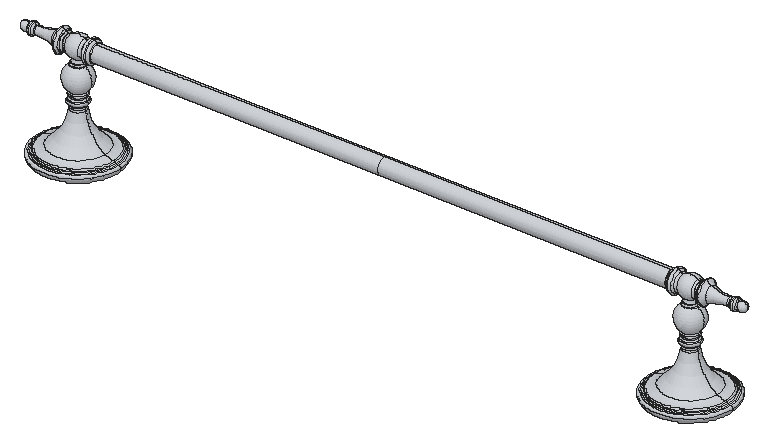
Revit family "Accessory-Towel_Bar-KOHLER-Decorative-K-26523_1", category Specialty Equipment, host Face, Revit 2021
Family settings
  Host = Face
  Round Connector Dimension = Use Diameter
  Part Type = Normal
  OmniClass Number = 23.31.25.25
  OmniClass Title = Towel Bars
  Cut with Voids When Loaded = No
  Shared = No
  Room Calculation Point = No
Parameters (values of type "CP-Polished Chrome")
  Width = 3.32677"  # constant formula
  WaterSense Certified = 1 = 0  # no
  URL = "https://www.us.kohler.com/us/"
  Type = 4
  Product Page URL = "http://www.us.kohler.com/us/catalog/productDetails.jsp?productId=26523"
  Product Name = "Decorative"  # constant formula
  Product Documentation Link = "https://www.us.kohler.com/webassets/kpna/catalog/pdf/en/K-26523_spec_US-CA_Kohler_en.pdf"
  Model = if(Type = 1, "K-26523-2BZ", if(Type = 2, "K-26523-2MB", if(Type = 3, "K-26523-BN", if(Type = 4, "K-26523-CP", "NA"))))  # "K-26523-CP"
  Material = "Premium Metal Construction"  # constant formula
  Master Format 2014 Name = "Toilet, Bath, and Laundry Accessories"  # constant formula
  Master Format 2014 = "10 28 00"  # constant formula
  Manufacturer Address = "444 Highland Dr, Kohler, WI 53044"  # constant formula
  Manufacturer = "Kohler Co."  # constant formula
  Length = 21 21/64"  # constant formula
  Height = 2 123/256"  # constant formula
  Finish = Kohler-Metal-CP-Polished_Chrome
  Environmental Product Declaration = ""
  Description = "18 Inch Towel Bar"  # constant formula
  Default Elevation = 42"
  Declare Label = ""
  Date Modified = "11/18/2022"  # constant formula
  Date Created = "11/18/2022"  # constant formula
  Copyright = "Copyright Kohler Co."  # constant formula
  Contact Us = "https://www.us.kohler.com/us/static/contact.jsp"
  Assembly Code = "C1030200"
  ADA Compliant = 1 = 0  # no
Reference planes (in)
  plane 1 "Center (Front/Back)": y = 0
  plane 2: z = 0
  plane 3 "Center (Left/Right)": x = 0
  plane 4: y = 1.24016
  plane 5: y = -1.24031
  plane 6: x = 10.66339
  plane 7: x = -10.66474
  plane 8: x = -8.99606
  plane 9: x = 8.99606
  plane 10: y = 0.23622
  plane 11: y = -0.23622
  plane 12: x = 10.23622
  plane 13: x = 7.76087
  plane 14: x = -10.23125
  plane 15: x = -7.76087
  plane 16: z = 3.32677
  plane 17: z = 2.98635
  plane 18: z = 0.31952
Dimensions and locks (in)
  "Length": plane 7 to plane 6
  "Height": plane 4 to plane 5
  plane 8 to plane 9 = 17.99213"
  plane 11 to plane 10 = 0.47244"
  "Width": level to plane 16
  aligned and locked: plane 2 to host face
  aligned and locked: level to host face
  aligned and locked: plane 3 "Center (Left/Right)" to nested 1
  aligned and locked: plane 1 "Center (Front/Back)" to nested 1
Automatic sketch dimensions
  host sketch curve to host sketch curve = 96"  (x2)
Nested families (in)
  nested 1: "K-26523" at (0, 0, 0), type "K-26523"
Definition of nested family "K-26523"
  Parameters
    Material = none
    Default Elevation = 0"
  Reference planes (in)
    plane 1 "Center (Front/Back)": y = 0
    plane 2: z = 0
    plane 3 "Center (Left/Right)": x = 0
    plane 4: x = -10.66339
    plane 5: x = -8.99606
    plane 6: x = 8.99606
    plane 7: z = 3.33858
    plane 8: y = 0.23622
    plane 9: y = -0.23622
    plane 10: y = 1.24016
    plane 11: y = -1.24016
    plane 12: z = 2.98635
    plane 13: x = 10.23622
    plane 14: x = -7.61811
    plane 15: x = 7.61811
    plane 16: x = 10.66339
    plane 17: x = -7.76087
    plane 18: x = -10.23125
    plane 19: x = 7.76087
    plane 20: x = 10.23125
    plane 21: z = 3.32789
  Forms (in)
    Revolve 1, solid, material <- "Material", detail levels medium+fine
      sketch origin (0, 0, 0) x (1, 0, 0) y (0, 0, 1)
        loop
          arc (-7.94752, 0) -> (-7.82379, 0.05318) -> (-7.76126, 0.17248) r 0.20133
          arc (-7.76126, 0.17248) -> (-7.77554, 0.21903) -> (-7.82049, 0.23775) r 0.05724
          arc (-7.82049, 0.23775) -> (-7.84499, 0.24177) -> (-7.86579, 0.25533) r 0.06027
          arc (-7.86579, 0.25533) -> (-7.88085, 0.26677) -> (-7.89843, 0.27376) r 0.06996
          arc (-7.89843, 0.27376) -> (-7.91671, 0.28331) -> (-7.92858, 0.30018) r 0.04369
          arc (-7.92858, 0.30018) -> (-7.93898, 0.3137) -> (-7.95499, 0.31962) r 0.03081
          arc (-7.95499, 0.31962) -> (-8.08752, 0.34753) -> (-8.2079, 0.40957) r 0.50631
          arc (-8.2079, 0.40957) -> (-8.59528, 0.82291) -> (-8.78278, 1.35748) r 1.37279
          arc (-8.78278, 1.35748) -> (-8.78595, 1.38374) -> (-8.7886, 1.41005) r 1.37279
          arc (-8.7886, 1.41005) -> (-8.78865, 1.44054) -> (-8.78328, 1.47055) r 0.17075
          arc (-8.78328, 1.47055) -> (-8.77734, 1.48836) -> (-8.76949, 1.50541) r 0.17075
          arc (-8.76949, 1.50541) -> (-8.75748, 1.5203) -> (-8.74076, 1.52961) r 0.05012
          arc (-8.74076, 1.52961) -> (-8.71458, 1.56014) -> (-8.72961, 1.59744) r 0.03873
          arc (-8.72961, 1.59744) -> (-8.74436, 1.60726) -> (-8.7601, 1.6154) r 0.1619
          arc (-8.7601, 1.6154) -> (-8.78739, 1.64751) -> (-8.77974, 1.68895) r 0.0491
          arc (-8.77974, 1.68895) -> (-8.76207, 1.71595) -> (-8.74701, 1.74449) r 0.34504
          arc (-8.74701, 1.74449) -> (-8.74623, 1.75995) -> (-8.75653, 1.77151) r 0.02041
          arc (-8.75653, 1.77151) -> (-8.78162, 1.80779) -> (-8.76367, 1.84809) r 0.04502
          arc (-8.76367, 1.84809) -> (-8.60282, 2.18227) -> (-8.78595, 2.50477) r 0.39964
          arc (-8.78595, 2.50477) -> (-8.79626, 2.51785) -> (-8.79632, 2.5345) r 0.02557
          arc (-8.79632, 2.5345) -> (-8.79671, 2.55738) -> (-8.81155, 2.5748) r 0.03387
          arc (-8.81155, 2.5748) -> (-8.82449, 2.58578) -> (-8.83262, 2.60067) r 0.04644
          arc (-8.83262, 2.60067) -> (-8.84702, 2.7041) -> (-8.82462, 2.80608) r 0.29598
          line (-8.82462, 2.80608) -> (-8.99606, 2.80608) -> (-8.99606, 0) -> (-7.94752, 0)
        axis (-8.99606, 2.80608) -> (-8.99606, 0)
      angle from 0 to 360
    Revolve 2, solid, material <- "Material", detail levels medium+fine
      sketch origin (0, 0, 0) x (1, 0, 0) y (0, 0, 1)
        loop
          arc (-10.66339, 2.98635) -> (-10.58438, 2.86965) -> (-10.44667, 2.89961) r 0.12572
          arc (-10.44667, 2.89961) -> (-10.43004, 2.9047) -> (-10.41704, 2.89316) r 0.01776
          arc (-10.41704, 2.89316) -> (-10.40906, 2.87363) -> (-10.39898, 2.85509) r 0.19141
          arc (-10.39898, 2.85509) -> (-10.38297, 2.83611) -> (-10.36212, 2.82261) r 0.08444
          arc (-10.36212, 2.82261) -> (-10.3397, 2.81567) -> (-10.31625, 2.81458) r 0.09268
          arc (-10.31625, 2.81458) -> (-10.29377, 2.81956) -> (-10.27348, 2.83045) r 0.08414
          arc (-10.27348, 2.83045) -> (-10.25353, 2.84998) -> (-10.24002, 2.87441) r 0.09644
          arc (-10.24002, 2.87441) -> (-10.22588, 2.8867) -> (-10.20786, 2.88161) r 0.0197
          arc (-10.20786, 2.88161) -> (-10.19174, 2.87135) -> (-10.17288, 2.86831) r 0.04728
          arc (-10.17288, 2.86831) -> (-9.88762, 2.8504) -> (-9.61256, 2.77271) r 1.34711
          arc (-9.61256, 2.77271) -> (-9.53898, 2.72573) -> (-9.48761, 2.65514) r 0.23517
          arc (-9.48761, 2.65514) -> (-9.47351, 2.64526) -> (-9.45781, 2.65234) r 0.01741
          arc (-9.45781, 2.65234) -> (-9.43056, 2.68294) -> (-9.39789, 2.70765) r 0.20966
          arc (-9.39789, 2.70765) -> (-9.38514, 2.71769) -> (-9.37509, 2.73044) r 0.06899
          arc (-9.37509, 2.73044) -> (-9.36253, 2.73957) -> (-9.34719, 2.73715) r 0.02029
          arc (-9.34719, 2.73715) -> (-9.32115, 2.73594) -> (-9.30622, 2.7573) r 0.02701
          arc (-9.30622, 2.7573) -> (-9.29839, 2.77271) -> (-9.28231, 2.77903) r 0.02431
          arc (-9.28231, 2.77903) -> (-9.24335, 2.77227) -> (-9.20935, 2.75207) r 0.10906
          arc (-9.20935, 2.75207) -> (-9.01324, 2.67299) -> (-8.81043, 2.73286) r 0.32144
          arc (-8.81043, 2.73286) -> (-8.75364, 2.75003) -> (-8.69818, 2.72894) r 0.09195
          arc (-8.69818, 2.72894) -> (-8.67522, 2.70632) -> (-8.65648, 2.68011) r 0.18751
          arc (-8.65648, 2.68011) -> (-8.61751, 2.65419) -> (-8.57296, 2.66856) r 0.05388
          arc (-8.57296, 2.66856) -> (-8.55869, 2.67796) -> (-8.54204, 2.6818) r 0.04817
          arc (-8.54204, 2.6818) -> (-8.50363, 2.69513) -> (-8.47857, 2.72715) r 0.07201
          arc (-8.47857, 2.72715) -> (-8.46518, 2.74384) -> (-8.44472, 2.75013) r 0.03642
          line (-8.44472, 2.75013) -> (0.00861, 2.75013) -> (8.44486, 2.75013)
          arc (8.44486, 2.75013) -> (8.46522, 2.74386) -> (8.47854, 2.72723) r 0.03622
          arc (8.47854, 2.72723) -> (8.50359, 2.69516) -> (8.54204, 2.6818) r 0.07201
          arc (8.54204, 2.6818) -> (8.55869, 2.67796) -> (8.57296, 2.66856) r 0.04817
          arc (8.57296, 2.66856) -> (8.61751, 2.65419) -> (8.65648, 2.68011) r 0.05388
          arc (8.65648, 2.68011) -> (8.67522, 2.70632) -> (8.69818, 2.72894) r 0.18751
          arc (8.69818, 2.72894) -> (8.75364, 2.75003) -> (8.81043, 2.73286) r 0.09195
          arc (8.81043, 2.73286) -> (9.01324, 2.67299) -> (9.20935, 2.75207) r 0.32144
          arc (9.20935, 2.75207) -> (9.24335, 2.77227) -> (9.28231, 2.77903) r 0.10906
          arc (9.28231, 2.77903) -> (9.29839, 2.77271) -> (9.30622, 2.7573) r 0.02431
          arc (9.30622, 2.7573) -> (9.32115, 2.73594) -> (9.34719, 2.73715) r 0.02701
          arc (9.34719, 2.73715) -> (9.36253, 2.73957) -> (9.37509, 2.73044) r 0.02029
          arc (9.37509, 2.73044) -> (9.38514, 2.71769) -> (9.39789, 2.70765) r 0.06899
          arc (9.39789, 2.70765) -> (9.43056, 2.68294) -> (9.45781, 2.65234) r 0.20966
          arc (9.45781, 2.65234) -> (9.47351, 2.64526) -> (9.48761, 2.65514) r 0.01741
          arc (9.48761, 2.65514) -> (9.53898, 2.72573) -> (9.61256, 2.77271) r 0.23517
          arc (9.61256, 2.77271) -> (9.88762, 2.8504) -> (10.17288, 2.86831) r 1.34711
          arc (10.17288, 2.86831) -> (10.19174, 2.87135) -> (10.20786, 2.88161) r 0.04728
          arc (10.20786, 2.88161) -> (10.22588, 2.8867) -> (10.24002, 2.87441) r 0.0197
          arc (10.24002, 2.87441) -> (10.25353, 2.84998) -> (10.27348, 2.83045) r 0.09644
          arc (10.27348, 2.83045) -> (10.29377, 2.81956) -> (10.31625, 2.81458) r 0.08414
          arc (10.31625, 2.81458) -> (10.3397, 2.81567) -> (10.36212, 2.82261) r 0.09268
          arc (10.36212, 2.82261) -> (10.38297, 2.83611) -> (10.39898, 2.85509) r 0.08444
          arc (10.39898, 2.85509) -> (10.40906, 2.87363) -> (10.41704, 2.89316) r 0.19141
          arc (10.41704, 2.89316) -> (10.43004, 2.9047) -> (10.44667, 2.89961) r 0.01776
          arc (10.44667, 2.89961) -> (10.58438, 2.86965) -> (10.66339, 2.98635) r 0.12572
          line (10.66339, 2.98635) -> (-10.66339, 2.98635)
        axis (10.66339, 2.98635) -> (-10.66339, 2.98635)
      angle from 0 to 360
    Revolve 3, solid, material <- "Material", detail levels medium+fine
      sketch origin (0, 0, 0) x (-1, 0, 0) y (0, 0, -1)
        loop
          line (-7.94752, 0) -> (-8.99606, 0) -> (-8.99606, -2.80608) -> (-8.82462, -2.80608)
          arc (-8.82462, -2.80608) -> (-8.84702, -2.7041) -> (-8.83262, -2.60067) r 0.29598
          arc (-8.83262, -2.60067) -> (-8.82449, -2.58578) -> (-8.81155, -2.5748) r 0.04644
          arc (-8.81155, -2.5748) -> (-8.79671, -2.55738) -> (-8.79632, -2.5345) r 0.03387
          arc (-8.79632, -2.5345) -> (-8.79626, -2.51785) -> (-8.78595, -2.50477) r 0.02557
          arc (-8.78595, -2.50477) -> (-8.60282, -2.18227) -> (-8.76367, -1.84809) r 0.39964
          arc (-8.76367, -1.84809) -> (-8.78162, -1.80779) -> (-8.75653, -1.77151) r 0.04502
          arc (-8.75653, -1.77151) -> (-8.74623, -1.75995) -> (-8.74701, -1.74449) r 0.02041
          arc (-8.74701, -1.74449) -> (-8.76207, -1.71595) -> (-8.77974, -1.68895) r 0.34504
          arc (-8.77974, -1.68895) -> (-8.78739, -1.64751) -> (-8.7601, -1.6154) r 0.0491
          arc (-8.7601, -1.6154) -> (-8.74436, -1.60726) -> (-8.72961, -1.59744) r 0.1619
          arc (-8.72961, -1.59744) -> (-8.71458, -1.56014) -> (-8.74076, -1.52961) r 0.03873
          arc (-8.74076, -1.52961) -> (-8.75748, -1.5203) -> (-8.76949, -1.50541) r 0.05012
          arc (-8.76949, -1.50541) -> (-8.77734, -1.48836) -> (-8.78328, -1.47055) r 0.17075
          arc (-8.78328, -1.47055) -> (-8.78865, -1.44054) -> (-8.7886, -1.41005) r 0.17075
          arc (-8.7886, -1.41005) -> (-8.78595, -1.38374) -> (-8.78278, -1.35748) r 1.37279
          arc (-8.78278, -1.35748) -> (-8.59528, -0.82291) -> (-8.2079, -0.40957) r 1.37279
          arc (-8.2079, -0.40957) -> (-8.08752, -0.34753) -> (-7.95499, -0.31962) r 0.50631
          arc (-7.95499, -0.31962) -> (-7.93898, -0.3137) -> (-7.92858, -0.30018) r 0.03081
          arc (-7.92858, -0.30018) -> (-7.91671, -0.28331) -> (-7.89843, -0.27376) r 0.04369
          arc (-7.89843, -0.27376) -> (-7.88085, -0.26677) -> (-7.86579, -0.25533) r 0.06996
          arc (-7.86579, -0.25533) -> (-7.84499, -0.24177) -> (-7.82049, -0.23775) r 0.06027
          arc (-7.82049, -0.23775) -> (-7.77554, -0.21903) -> (-7.76126, -0.17248) r 0.05724
          arc (-7.76126, -0.17248) -> (-7.82379, -0.05318) -> (-7.94752, 0) r 0.20133
        axis (-8.99606, -2.80608) -> (-8.99606, 0)
      angle from 0 to 360
    Revolve 4, solid, material <- "Material", detail levels coarse
      sketch origin (0, 0, 0) x (1, 0, 0) y (0, 0, 1)
        loop
          line (-8.99606, 0) -> (-7.76333, 0) -> (-7.76333, 0.24688)
          arc (-7.76333, 0.24688) -> (-8.44899, 0.74785) -> (-8.71068, 1.55569) r 1.37776
          line (-8.71068, 1.55569) -> (-8.71068, 2.84009) -> (-8.99606, 2.84009) -> (-8.99606, 0)
        axis (-8.99606, 2.84009) -> (-8.99606, 0)
      angle from 0 to 360
    Revolve 5, solid, material <- "Material", detail levels coarse
      sketch origin (0, 0, 0) x (1, 0, 0) y (0, 0, 1)
        loop
          line (-10.66339, 2.98635) -> (-10.66339, 2.80886) -> (-9.76584, 2.80886) -> (-9.76584, 2.64525) -> (-8.26856, 2.64525) -> (-8.26856, 2.75598) -> (0.06838, 2.75598) -> (8.26856, 2.75598) -> (8.26856, 2.64525) -> (9.76584, 2.64525) -> (9.76584, 2.80886) -> (10.66339, 2.80886) -> (10.66339, 2.98635) -> (-10.66339, 2.98635)
        axis (10.66339, 2.98635) -> (-10.66339, 2.98635)
      angle from 0 to 360
    Revolve 6, solid, material <- "Material", detail levels coarse
      sketch origin (0, 0, 0) x (-1, 0, 0) y (0, 0, -1)
        loop
          line (-8.99606, 0) -> (-8.99606, -2.84009) -> (-8.71068, -2.84009) -> (-8.71068, -1.55569)
          arc (-8.71068, -1.55569) -> (-8.44899, -0.74785) -> (-7.76333, -0.24688) r 1.37776
          line (-7.76333, -0.24688) -> (-7.76333, 0) -> (-8.99606, 0)
        axis (-8.99606, -2.84009) -> (-8.99606, 0)
      angle from 0 to 360
  Cuts and joins
    joined: Revolve 1, Revolve 2, Revolve 3
    joined: Revolve 4, Revolve 5, Revolve 6
  Lines and regions (in)
    Masking region 1
      outline origin (0, 0, 0) x (1, 0, 0) y (0, 0, 1)
        loop
          arc (-7.86269, 0.24979) -> (-7.88019, 0.26839) -> (-7.90462, 0.27582) r 0.04963
          arc (-7.90462, 0.27582) -> (-7.91931, 0.28585) -> (-7.92879, 0.30091) r 0.04369
          arc (-7.92879, 0.30091) -> (-7.93847, 0.31385) -> (-7.9536, 0.31952) r 0.02871
          arc (-7.9536, 0.31952) -> (-8.12238, 0.36063) -> (-8.26856, 0.45449) r 0.52593
          arc (-8.26856, 0.45449) -> (-8.63025, 0.88406) -> (-8.78968, 1.42251) r 1.37279
          arc (-8.78968, 1.42251) -> (-8.78298, 1.47564) -> (-8.75543, 1.52156) r 0.13003
          arc (-8.75543, 1.52156) -> (-8.74168, 1.52989) -> (-8.72853, 1.53914) r 0.23613
          arc (-8.72853, 1.53914) -> (-8.71486, 1.5747) -> (-8.74073, 1.60266) r 0.03604
          arc (-8.74073, 1.60266) -> (-8.77811, 1.63093) -> (-8.78573, 1.67716) r 0.06317
          arc (-8.78573, 1.67716) -> (-8.77379, 1.70742) -> (-8.75296, 1.73242) r 0.1025
          arc (-8.75296, 1.73242) -> (-8.74477, 1.75143) -> (-8.75363, 1.77014) r 0.02511
          arc (-8.75363, 1.77014) -> (-8.77395, 1.78669) -> (-8.78269, 1.81139) r 0.04848
          arc (-8.78269, 1.81139) -> (-8.77788, 1.83331) -> (-8.7621, 1.84926) r 0.04031
          arc (-8.7621, 1.84926) -> (-8.60284, 2.18298) -> (-8.7855, 2.50448) r 0.39964
          arc (-8.7855, 2.50448) -> (-8.79603, 2.51781) -> (-8.79622, 2.53481) r 0.0263
          arc (-8.79622, 2.53481) -> (-8.79688, 2.55783) -> (-8.81212, 2.57511) r 0.03387
          arc (-8.81212, 2.57511) -> (-8.82474, 2.58543) -> (-8.8328, 2.59961) r 0.04449
          arc (-8.8328, 2.59961) -> (-8.84094, 2.62931) -> (-8.84518, 2.65981) r 0.23787
          arc (-8.84518, 2.65981) -> (-8.82881, 2.71356) -> (-8.78055, 2.74232) r 0.0779
          arc (-8.78055, 2.74232) -> (-8.71718, 2.73675) -> (-8.66467, 2.70083) r 0.12557
          arc (-8.66467, 2.70083) -> (-8.65641, 2.68178) -> (-8.64236, 2.66649) r 0.06242
          arc (-8.64236, 2.66649) -> (-8.61368, 2.65602) -> (-8.58426, 2.66421) r 0.04994
          arc (-8.58426, 2.66421) -> (-8.55977, 2.67752) -> (-8.53339, 2.68651) r 0.16509
          arc (-8.53339, 2.68651) -> (-8.51609, 2.69208) -> (-8.49969, 2.6999) r 0.13575
          arc (-8.49969, 2.6999) -> (-8.48783, 2.70991) -> (-8.48052, 2.72359) r 0.04124
          arc (-8.48052, 2.72359) -> (-8.46684, 2.74278) -> (-8.44444, 2.75013) r 0.03778
          line (-8.44444, 2.75013) -> (-0.10992, 2.75013) -> (8.44444, 2.75013)
          arc (8.44444, 2.75013) -> (8.46684, 2.74278) -> (8.48052, 2.72359) r 0.03778
          arc (8.48052, 2.72359) -> (8.48783, 2.70991) -> (8.49969, 2.6999) r 0.04124
          arc (8.49969, 2.6999) -> (8.51609, 2.69208) -> (8.53339, 2.68651) r 0.13575
          arc (8.53339, 2.68651) -> (8.55977, 2.67752) -> (8.58426, 2.66421) r 0.16509
          arc (8.58426, 2.66421) -> (8.61368, 2.65602) -> (8.64236, 2.66649) r 0.04994
          arc (8.64236, 2.66649) -> (8.65641, 2.68178) -> (8.66467, 2.70083) r 0.06242
          arc (8.66467, 2.70083) -> (8.71718, 2.73675) -> (8.78055, 2.74232) r 0.12557
          arc (8.78055, 2.74232) -> (8.82881, 2.71356) -> (8.84518, 2.65981) r 0.0779
          arc (8.84518, 2.65981) -> (8.84094, 2.62931) -> (8.8328, 2.59961) r 0.23787
          arc (8.8328, 2.59961) -> (8.82474, 2.58543) -> (8.81212, 2.57511) r 0.04449
          arc (8.81212, 2.57511) -> (8.79688, 2.55783) -> (8.79622, 2.53481) r 0.03387
          arc (8.79622, 2.53481) -> (8.79603, 2.51781) -> (8.7855, 2.50448) r 0.0263
          arc (8.7855, 2.50448) -> (8.60284, 2.18298) -> (8.7621, 1.84926) r 0.39964
          arc (8.7621, 1.84926) -> (8.77788, 1.83331) -> (8.78269, 1.81139) r 0.04031
          arc (8.78269, 1.81139) -> (8.77395, 1.78669) -> (8.75363, 1.77014) r 0.04848
          arc (8.75363, 1.77014) -> (8.74477, 1.75143) -> (8.75296, 1.73242) r 0.02511
          arc (8.75296, 1.73242) -> (8.77379, 1.70742) -> (8.78573, 1.67716) r 0.1025
          arc (8.78573, 1.67716) -> (8.77811, 1.63093) -> (8.74073, 1.60266) r 0.06317
          arc (8.74073, 1.60266) -> (8.71486, 1.5747) -> (8.72853, 1.53914) r 0.03604
          arc (8.72853, 1.53914) -> (8.74168, 1.52989) -> (8.75543, 1.52156) r 0.23613
          arc (8.75543, 1.52156) -> (8.78298, 1.47564) -> (8.78968, 1.42251) r 0.13003
          arc (8.78968, 1.42251) -> (8.63025, 0.88406) -> (8.26856, 0.45449) r 1.37279
          arc (8.26856, 0.45449) -> (8.12238, 0.36063) -> (7.9536, 0.31952) r 0.52593
          arc (7.9536, 0.31952) -> (7.93847, 0.31385) -> (7.92879, 0.30091) r 0.02871
          arc (7.92879, 0.30091) -> (7.91931, 0.28585) -> (7.90462, 0.27582) r 0.04369
          arc (7.90462, 0.27582) -> (7.88019, 0.26839) -> (7.86269, 0.24979) r 0.04963
          arc (7.86269, 0.24979) -> (7.8424, 0.2407) -> (7.82036, 0.23776) r 0.07741
          arc (7.82036, 0.23776) -> (7.77523, 0.21746) -> (7.76158, 0.1699) r 0.05881
          arc (7.76158, 0.1699) -> (7.82464, 0.05233) -> (7.94737, 0) r 0.20133
          line (7.94737, 0) -> (8.99606, 0) -> (10.04475, 0)
          arc (10.04475, 0) -> (10.16749, 0.05233) -> (10.23055, 0.1699) r 0.20133
          arc (10.23055, 0.1699) -> (10.21689, 0.21746) -> (10.17177, 0.23776) r 0.05881
          arc (10.17177, 0.23776) -> (10.14973, 0.2407) -> (10.12943, 0.24979) r 0.07741
          arc (10.12943, 0.24979) -> (10.11193, 0.26839) -> (10.0875, 0.27582) r 0.04963
          arc (10.0875, 0.27582) -> (10.07281, 0.28585) -> (10.06333, 0.30091) r 0.04369
          arc (10.06333, 0.30091) -> (10.05366, 0.31385) -> (10.03853, 0.31952) r 0.02871
          arc (10.03853, 0.31952) -> (9.86975, 0.36063) -> (9.72357, 0.45449) r 0.52593
          arc (9.72357, 0.45449) -> (9.36187, 0.88406) -> (9.20244, 1.42251) r 1.37279
          arc (9.20244, 1.42251) -> (9.20915, 1.47564) -> (9.23669, 1.52156) r 0.13003
          arc (9.23669, 1.52156) -> (9.25044, 1.52989) -> (9.26359, 1.53914) r 0.23613
          arc (9.26359, 1.53914) -> (9.27727, 1.5747) -> (9.25139, 1.60266) r 0.03604
          arc (9.25139, 1.60266) -> (9.21401, 1.63093) -> (9.20639, 1.67716) r 0.06317
          arc (9.20639, 1.67716) -> (9.21834, 1.70742) -> (9.23916, 1.73242) r 0.1025
          arc (9.23916, 1.73242) -> (9.24736, 1.75143) -> (9.23849, 1.77014) r 0.02511
          arc (9.23849, 1.77014) -> (9.21818, 1.78669) -> (9.20944, 1.81139) r 0.04848
          arc (9.20944, 1.81139) -> (9.21424, 1.83331) -> (9.23003, 1.84926) r 0.04031
          arc (9.23003, 1.84926) -> (9.38928, 2.18295) -> (9.20667, 2.50445) r 0.39964
          arc (9.20667, 2.50445) -> (9.19611, 2.51781) -> (9.19592, 2.53484) r 0.02638
          arc (9.19592, 2.53484) -> (9.19524, 2.55784) -> (9.18002, 2.5751) r 0.03387
          arc (9.18002, 2.5751) -> (9.16738, 2.58545) -> (9.15931, 2.59966) r 0.04459
          arc (9.15931, 2.59966) -> (9.15304, 2.62103) -> (9.1488, 2.6429) r 0.23787
          arc (9.1488, 2.6429) -> (9.14841, 2.66118) -> (9.15251, 2.679) r 0.07414
          arc (9.15251, 2.679) -> (9.16202, 2.70329) -> (9.17835, 2.72363) r 0.08629
          arc (9.17835, 2.72363) -> (9.22344, 2.75683) -> (9.27459, 2.77961) r 0.26024
          arc (9.27459, 2.77961) -> (9.30076, 2.77454) -> (9.3105, 2.74973) r 0.02767
          arc (9.3105, 2.74973) -> (9.32003, 2.73185) -> (9.34005, 2.73499) r 0.01748
          arc (9.34005, 2.73499) -> (9.35827, 2.74104) -> (9.37427, 2.73044) r 0.02193
          arc (9.37427, 2.73044) -> (9.38399, 2.7179) -> (9.39653, 2.70819) r 0.06292
          arc (9.39653, 2.70819) -> (9.42999, 2.68341) -> (9.45758, 2.65221) r 0.19917
          arc (9.45758, 2.65221) -> (9.47239, 2.64481) -> (9.48682, 2.65295) r 0.01765
          arc (9.48682, 2.65295) -> (9.56706, 2.74104) -> (9.67211, 2.79727) r 0.35161
          arc (9.67211, 2.79727) -> (9.91761, 2.855) -> (10.16949, 2.86774) r 1.39955
          arc (10.16949, 2.86774) -> (10.19077, 2.8711) -> (10.20914, 2.88236) r 0.05518
          arc (10.20914, 2.88236) -> (10.22747, 2.8867) -> (10.24066, 2.87326) r 0.01916
          arc (10.24066, 2.87326) -> (10.25514, 2.84962) -> (10.27447, 2.82976) r 0.12491
          arc (10.27447, 2.82976) -> (10.28953, 2.82061) -> (10.30655, 2.81604) r 0.06231
          arc (10.30655, 2.81604) -> (10.32638, 2.81506) -> (10.34615, 2.81689) r 0.14033
          arc (10.34615, 2.81689) -> (10.36423, 2.82273) -> (10.37979, 2.83365) r 0.06372
          arc (10.37979, 2.83365) -> (10.39184, 2.84657) -> (10.40232, 2.8608) r 0.15176
          arc (10.40232, 2.8608) -> (10.41115, 2.87684) -> (10.41756, 2.89398) r 0.12591
          arc (10.41756, 2.89398) -> (10.42969, 2.90541) -> (10.44559, 2.90043) r 0.01649
          arc (10.44559, 2.90043) -> (10.58418, 2.86812) -> (10.66339, 2.98635) r 0.12514
          arc (10.66339, 2.98635) -> (10.58565, 3.10399) -> (10.44774, 3.07459) r 0.12514
          arc (10.44774, 3.07459) -> (10.42879, 3.06958) -> (10.41574, 3.0842) r 0.01874
          arc (10.41574, 3.0842) -> (10.33403, 3.15876) -> (10.24066, 3.09944) r 0.09106
          arc (10.24066, 3.09944) -> (10.22747, 3.086) -> (10.20914, 3.09034) r 0.01916
          arc (10.20914, 3.09034) -> (10.19077, 3.10159) -> (10.16949, 3.10496) r 0.05518
          arc (10.16949, 3.10496) -> (9.91761, 3.1177) -> (9.67211, 3.17543) r 1.39955
          arc (9.67211, 3.17543) -> (9.56706, 3.23166) -> (9.48682, 3.31975) r 0.35161
          arc (9.48682, 3.31975) -> (9.47239, 3.32789) -> (9.45758, 3.32049) r 0.01765
          arc (9.45758, 3.32049) -> (9.42999, 3.28929) -> (9.39653, 3.26451) r 0.19917
          arc (9.39653, 3.26451) -> (9.38399, 3.2548) -> (9.37427, 3.24226) r 0.06292
          arc (9.37427, 3.24226) -> (9.35827, 3.23165) -> (9.34005, 3.23771) r 0.02193
          arc (9.34005, 3.23771) -> (9.32143, 3.24147) -> (9.31037, 3.22601) r 0.01748
          arc (9.31037, 3.22601) -> (9.2966, 3.20019) -> (9.26788, 3.19458) r 0.03406
          arc (9.26788, 3.19458) -> (9.22464, 3.21148) -> (9.18673, 3.23826) r 0.19189
          arc (9.18673, 3.23826) -> (9.17009, 3.25096) -> (9.15157, 3.2607) r 0.12451
          arc (9.15157, 3.2607) -> (9.13223, 3.2693) -> (9.11323, 3.27864) r 0.55774
          arc (9.11323, 3.27864) -> (9.0874, 3.28898) -> (9.06009, 3.29427) r 0.147
          arc (9.06009, 3.29427) -> (9.03812, 3.29679) -> (9.01625, 3.30007) r 0.63155
          arc (9.01625, 3.30007) -> (8.99195, 3.30195) -> (8.96771, 3.29947) r 0.13639
          arc (8.96771, 3.29947) -> (8.94093, 3.29455) -> (8.91406, 3.29014) r 1.42534
          arc (8.91406, 3.29014) -> (8.89168, 3.28466) -> (8.87059, 3.27536) r 0.13199
          arc (8.87059, 3.27536) -> (8.83624, 3.25606) -> (8.80227, 3.23611) r 2.09371
          arc (8.80227, 3.23611) -> (8.72792, 3.23264) -> (8.66467, 3.27186) r 0.12557
          arc (8.66467, 3.27186) -> (8.65641, 3.29092) -> (8.64236, 3.30621) r 0.06242
          arc (8.64236, 3.30621) -> (8.61367, 3.31668) -> (8.58425, 3.30849) r 0.04994
          arc (8.58425, 3.30849) -> (8.55977, 3.29518) -> (8.5334, 3.28619) r 0.16496
          arc (8.5334, 3.28619) -> (8.51609, 3.28062) -> (8.49969, 3.2728) r 0.13575
          arc (8.49969, 3.2728) -> (8.48784, 3.26279) -> (8.48052, 3.24912) r 0.04124
          arc (8.48052, 3.24912) -> (8.46683, 3.22992) -> (8.44443, 3.22257) r 0.0378
          line (8.44443, 3.22257) -> (0.12179, 3.22257) -> (-8.44443, 3.22257)
          arc (-8.44443, 3.22257) -> (-8.46683, 3.22992) -> (-8.48052, 3.24912) r 0.0378
          arc (-8.48052, 3.24912) -> (-8.48784, 3.26279) -> (-8.49969, 3.2728) r 0.04124
          arc (-8.49969, 3.2728) -> (-8.51609, 3.28062) -> (-8.5334, 3.28619) r 0.13575
          arc (-8.5334, 3.28619) -> (-8.55977, 3.29518) -> (-8.58425, 3.30849) r 0.16496
          arc (-8.58425, 3.30849) -> (-8.61367, 3.31668) -> (-8.64236, 3.30621) r 0.04994
          arc (-8.64236, 3.30621) -> (-8.65641, 3.29092) -> (-8.66467, 3.27186) r 0.06242
          arc (-8.66467, 3.27186) -> (-8.72792, 3.23264) -> (-8.80227, 3.23611) r 0.12557
          arc (-8.80227, 3.23611) -> (-8.83624, 3.25606) -> (-8.87059, 3.27536) r 2.09371
          arc (-8.87059, 3.27536) -> (-8.89168, 3.28466) -> (-8.91406, 3.29014) r 0.13199
          arc (-8.91406, 3.29014) -> (-8.94093, 3.29455) -> (-8.96771, 3.29947) r 1.42534
          arc (-8.96771, 3.29947) -> (-8.99195, 3.30195) -> (-9.01625, 3.30007) r 0.13639
          arc (-9.01625, 3.30007) -> (-9.03812, 3.29679) -> (-9.06009, 3.29427) r 0.63155
          arc (-9.06009, 3.29427) -> (-9.0874, 3.28898) -> (-9.11323, 3.27864) r 0.147
          arc (-9.11323, 3.27864) -> (-9.13223, 3.2693) -> (-9.15157, 3.2607) r 0.55774
          arc (-9.15157, 3.2607) -> (-9.17009, 3.25096) -> (-9.18673, 3.23826) r 0.12451
          arc (-9.18673, 3.23826) -> (-9.22464, 3.21148) -> (-9.26788, 3.19458) r 0.19189
          arc (-9.26788, 3.19458) -> (-9.2966, 3.20019) -> (-9.31037, 3.22601) r 0.03406
          arc (-9.31037, 3.22601) -> (-9.32143, 3.24147) -> (-9.34005, 3.23771) r 0.01748
          arc (-9.34005, 3.23771) -> (-9.35827, 3.23165) -> (-9.37427, 3.24226) r 0.02193
          arc (-9.37427, 3.24226) -> (-9.38399, 3.2548) -> (-9.39653, 3.26451) r 0.06292
          arc (-9.39653, 3.26451) -> (-9.42999, 3.28929) -> (-9.45758, 3.32049) r 0.19917
          arc (-9.45758, 3.32049) -> (-9.47239, 3.32789) -> (-9.48682, 3.31975) r 0.01765
          arc (-9.48682, 3.31975) -> (-9.56706, 3.23166) -> (-9.67211, 3.17543) r 0.35161
          arc (-9.67211, 3.17543) -> (-9.91761, 3.1177) -> (-10.16949, 3.10496) r 1.39955
          arc (-10.16949, 3.10496) -> (-10.19077, 3.10159) -> (-10.20914, 3.09034) r 0.05518
          arc (-10.20914, 3.09034) -> (-10.22747, 3.086) -> (-10.24066, 3.09944) r 0.01916
          arc (-10.24066, 3.09944) -> (-10.33403, 3.15876) -> (-10.41574, 3.0842) r 0.09106
          arc (-10.41574, 3.0842) -> (-10.42879, 3.06958) -> (-10.44774, 3.07459) r 0.01874
          arc (-10.44774, 3.07459) -> (-10.58565, 3.10399) -> (-10.66339, 2.98635) r 0.12514
          arc (-10.66339, 2.98635) -> (-10.58418, 2.86812) -> (-10.44559, 2.90043) r 0.12514
          arc (-10.44559, 2.90043) -> (-10.42969, 2.90541) -> (-10.41756, 2.89398) r 0.01649
          arc (-10.41756, 2.89398) -> (-10.41115, 2.87684) -> (-10.40232, 2.8608) r 0.12591
          arc (-10.40232, 2.8608) -> (-10.39184, 2.84657) -> (-10.37979, 2.83365) r 0.15176
          arc (-10.37979, 2.83365) -> (-10.36423, 2.82273) -> (-10.34615, 2.81689) r 0.06372
          arc (-10.34615, 2.81689) -> (-10.32638, 2.81506) -> (-10.30655, 2.81604) r 0.14033
          arc (-10.30655, 2.81604) -> (-10.28953, 2.82061) -> (-10.27447, 2.82976) r 0.06231
          arc (-10.27447, 2.82976) -> (-10.25514, 2.84962) -> (-10.24066, 2.87326) r 0.12491
          arc (-10.24066, 2.87326) -> (-10.22747, 2.8867) -> (-10.20914, 2.88236) r 0.01916
          arc (-10.20914, 2.88236) -> (-10.19077, 2.8711) -> (-10.16949, 2.86774) r 0.05518
          arc (-10.16949, 2.86774) -> (-9.91761, 2.855) -> (-9.67211, 2.79727) r 1.39955
          arc (-9.67211, 2.79727) -> (-9.56706, 2.74104) -> (-9.48682, 2.65295) r 0.35161
          arc (-9.48682, 2.65295) -> (-9.47239, 2.64481) -> (-9.45758, 2.65221) r 0.01765
          arc (-9.45758, 2.65221) -> (-9.42999, 2.68341) -> (-9.39653, 2.70819) r 0.19917
          arc (-9.39653, 2.70819) -> (-9.38399, 2.7179) -> (-9.37427, 2.73044) r 0.06292
          arc (-9.37427, 2.73044) -> (-9.35827, 2.74104) -> (-9.34005, 2.73499) r 0.02193
          arc (-9.34005, 2.73499) -> (-9.32003, 2.73185) -> (-9.3105, 2.74973) r 0.01748
          arc (-9.3105, 2.74973) -> (-9.30076, 2.77454) -> (-9.27459, 2.77961) r 0.02767
          arc (-9.27459, 2.77961) -> (-9.22344, 2.75683) -> (-9.17835, 2.72363) r 0.26024
          arc (-9.17835, 2.72363) -> (-9.16202, 2.70329) -> (-9.15251, 2.679) r 0.08629
          arc (-9.15251, 2.679) -> (-9.14841, 2.66118) -> (-9.1488, 2.6429) r 0.07414
          arc (-9.1488, 2.6429) -> (-9.15304, 2.62103) -> (-9.15931, 2.59966) r 0.23787
          arc (-9.15931, 2.59966) -> (-9.16738, 2.58545) -> (-9.18002, 2.5751) r 0.04459
          arc (-9.18002, 2.5751) -> (-9.19524, 2.55784) -> (-9.19592, 2.53484) r 0.03387
          arc (-9.19592, 2.53484) -> (-9.19611, 2.51781) -> (-9.20667, 2.50445) r 0.02638
          arc (-9.20667, 2.50445) -> (-9.38928, 2.18295) -> (-9.23003, 1.84926) r 0.39964
          arc (-9.23003, 1.84926) -> (-9.21424, 1.83331) -> (-9.20944, 1.81139) r 0.04031
          arc (-9.20944, 1.81139) -> (-9.21818, 1.78669) -> (-9.23849, 1.77014) r 0.04848
          arc (-9.23849, 1.77014) -> (-9.24736, 1.75143) -> (-9.23916, 1.73242) r 0.02511
          arc (-9.23916, 1.73242) -> (-9.21834, 1.70742) -> (-9.20639, 1.67716) r 0.1025
          arc (-9.20639, 1.67716) -> (-9.21401, 1.63093) -> (-9.25139, 1.60266) r 0.06317
          arc (-9.25139, 1.60266) -> (-9.27727, 1.5747) -> (-9.26359, 1.53914) r 0.03604
          arc (-9.26359, 1.53914) -> (-9.25044, 1.52989) -> (-9.23669, 1.52156) r 0.23613
          arc (-9.23669, 1.52156) -> (-9.20915, 1.47564) -> (-9.20244, 1.42251) r 0.13003
          arc (-9.20244, 1.42251) -> (-9.36187, 0.88406) -> (-9.72357, 0.45449) r 1.37279
          arc (-9.72357, 0.45449) -> (-9.86975, 0.36063) -> (-10.03853, 0.31952) r 0.52593
          arc (-10.03853, 0.31952) -> (-10.05366, 0.31385) -> (-10.06333, 0.30091) r 0.02871
          arc (-10.06333, 0.30091) -> (-10.07281, 0.28585) -> (-10.0875, 0.27582) r 0.04369
          arc (-10.0875, 0.27582) -> (-10.11193, 0.26839) -> (-10.12943, 0.24979) r 0.04963
          arc (-10.12943, 0.24979) -> (-10.14973, 0.2407) -> (-10.17177, 0.23776) r 0.07741
          arc (-10.17177, 0.23776) -> (-10.21689, 0.21746) -> (-10.23055, 0.1699) r 0.05881
          arc (-10.23055, 0.1699) -> (-10.16749, 0.05233) -> (-10.04475, 0) r 0.20133
          line (-10.04475, 0) -> (-8.99606, 0) -> (-7.94737, 0)
          arc (-7.94737, 0) -> (-7.82464, 0.05233) -> (-7.76158, 0.1699) r 0.20133
          arc (-7.76158, 0.1699) -> (-7.77523, 0.21746) -> (-7.82036, 0.23776) r 0.05881
          arc (-7.82036, 0.23776) -> (-7.8424, 0.2407) -> (-7.86269, 0.24979) r 0.07741
    Masking region 2
      outline origin (0, 0, 0) x (0, 1, 0) y (0, 0, 1)
        loop
          line (0.10376, 0) -> (1.04869, 0)
          arc (1.04869, 0) -> (1.16889, 0.05063) -> (1.23716, 0.16175) r 0.21335
          arc (1.23716, 0.16175) -> (1.23791, 0.18491) -> (1.22924, 0.20639) r 0.0561
          arc (1.22924, 0.20639) -> (1.20032, 0.23124) -> (1.16275, 0.23774) r 0.07165
          arc (1.16275, 0.23774) -> (1.14695, 0.24105) -> (1.13337, 0.24979) r 0.0444
          arc (1.13337, 0.24979) -> (1.12042, 0.26661) -> (1.10066, 0.2744) r 0.03985
          arc (1.10066, 0.2744) -> (1.08106, 0.28243) -> (1.06942, 0.30014) r 0.03583
          arc (1.06942, 0.30014) -> (1.06082, 0.31355) -> (1.04629, 0.32007) r 0.02792
          arc (1.04629, 0.32007) -> (0.87664, 0.36294) -> (0.72751, 0.45449) r 0.57957
          arc (0.72751, 0.45449) -> (0.37723, 0.88666) -> (0.20967, 1.41713) r 1.49161
          arc (0.20967, 1.41713) -> (0.20992, 1.4536) -> (0.21923, 1.48887) r 0.14575
          arc (0.21923, 1.48887) -> (0.22962, 1.51073) -> (0.24948, 1.52457) r 0.04721
          arc (0.24948, 1.52457) -> (0.26899, 1.53805) -> (0.27944, 1.55934) r 0.04702
          arc (0.27944, 1.55934) -> (0.27859, 1.57976) -> (0.26828, 1.59741) r 0.04242
          arc (0.26828, 1.59741) -> (0.25359, 1.60844) -> (0.23622, 1.61443) r 0.05928
          arc (0.23622, 1.61443) -> (0.20832, 1.65592) -> (0.22529, 1.70294) r 0.05528
          arc (0.22529, 1.70294) -> (0.24206, 1.72451) -> (0.25147, 1.75015) r 0.08864
          arc (0.25147, 1.75015) -> (0.24862, 1.76498) -> (0.23622, 1.7736) r 0.02002
          arc (0.23622, 1.7736) -> (0.22291, 1.78483) -> (0.21468, 1.80017) r 0.04639
          arc (0.21468, 1.80017) -> (0.21519, 1.82649) -> (0.23144, 1.84721) r 0.04148
          arc (0.23144, 1.84721) -> (0.39547, 2.18149) -> (0.21064, 2.50473) r 0.39723
          arc (0.21064, 2.50473) -> (0.20062, 2.51756) -> (0.20103, 2.53384) r 0.02413
          arc (0.20103, 2.53384) -> (0.20141, 2.55557) -> (0.18762, 2.57239) r 0.03153
          arc (0.18762, 2.57239) -> (0.17399, 2.58346) -> (0.16426, 2.59807) r 0.0586
          arc (0.16426, 2.59807) -> (0.1515, 2.63756) -> (0.14889, 2.67897) r 0.16675
          arc (0.14889, 2.67897) -> (0, 3.32789) -> (-0.14889, 2.67897) r 0.34154
          arc (-0.14889, 2.67897) -> (-0.1515, 2.63756) -> (-0.16426, 2.59807) r 0.16675
          arc (-0.16426, 2.59807) -> (-0.17399, 2.58346) -> (-0.18762, 2.57239) r 0.0586
          arc (-0.18762, 2.57239) -> (-0.20141, 2.55557) -> (-0.20103, 2.53384) r 0.03153
          arc (-0.20103, 2.53384) -> (-0.20062, 2.51756) -> (-0.21064, 2.50473) r 0.02413
          arc (-0.21064, 2.50473) -> (-0.39547, 2.18149) -> (-0.23144, 1.84721) r 0.39723
          arc (-0.23144, 1.84721) -> (-0.21519, 1.82649) -> (-0.21468, 1.80017) r 0.04148
          arc (-0.21468, 1.80017) -> (-0.22291, 1.78483) -> (-0.23622, 1.7736) r 0.04639
          arc (-0.23622, 1.7736) -> (-0.24862, 1.76498) -> (-0.25147, 1.75015) r 0.02002
          arc (-0.25147, 1.75015) -> (-0.24206, 1.72451) -> (-0.22529, 1.70294) r 0.08864
          arc (-0.22529, 1.70294) -> (-0.20832, 1.65592) -> (-0.23622, 1.61443) r 0.05528
          arc (-0.23622, 1.61443) -> (-0.25359, 1.60844) -> (-0.26828, 1.59741) r 0.05928
          arc (-0.26828, 1.59741) -> (-0.27859, 1.57976) -> (-0.27944, 1.55934) r 0.04242
          arc (-0.27944, 1.55934) -> (-0.26899, 1.53805) -> (-0.24948, 1.52457) r 0.04702
          arc (-0.24948, 1.52457) -> (-0.22962, 1.51073) -> (-0.21923, 1.48887) r 0.04721
          arc (-0.21923, 1.48887) -> (-0.20992, 1.4536) -> (-0.20967, 1.41713) r 0.14575
          arc (-0.20967, 1.41713) -> (-0.37723, 0.88666) -> (-0.72751, 0.45449) r 1.49161
          arc (-0.72751, 0.45449) -> (-0.87664, 0.36294) -> (-1.04629, 0.32007) r 0.57957
          arc (-1.04629, 0.32007) -> (-1.06082, 0.31355) -> (-1.06942, 0.30014) r 0.02792
          arc (-1.06942, 0.30014) -> (-1.08106, 0.28243) -> (-1.10066, 0.2744) r 0.03583
          arc (-1.10066, 0.2744) -> (-1.12042, 0.26661) -> (-1.13337, 0.24979) r 0.03985
          arc (-1.13337, 0.24979) -> (-1.14695, 0.24105) -> (-1.16275, 0.23774) r 0.0444
          arc (-1.16275, 0.23774) -> (-1.20032, 0.23124) -> (-1.22924, 0.20639) r 0.07165
          arc (-1.22924, 0.20639) -> (-1.23791, 0.18491) -> (-1.23716, 0.16175) r 0.0561
          arc (-1.23716, 0.16175) -> (-1.16889, 0.05063) -> (-1.04869, 0) r 0.21335
          line (-1.04869, 0) -> (0.10376, 0)
    Masking region 3
      outline origin (0, 0, 0) x (1, 0, 0) y (0, 1, 0)
        loop
          arc (-10.23254, -0.10456) -> (-9.83416, -0.91175) -> (-8.99606, -1.24016) r 1.24642
          arc (-8.99606, -1.24016) -> (-8.20611, -0.95816) -> (-7.77908, -0.23622) r 1.23359
          line (-7.77908, -0.23622) -> (0.04624, -0.23622) -> (7.77908, -0.23622)
          arc (7.77908, -0.23622) -> (8.20611, -0.95816) -> (8.99606, -1.24016) r 1.23359
          arc (8.99606, -1.24016) -> (9.83416, -0.91175) -> (10.23254, -0.10456) r 1.24642
          arc (10.23254, -0.10456) -> (10.24333, -0.11999) -> (10.25308, -0.13612) r 0.28287
          arc (10.25308, -0.13612) -> (10.29362, -0.1706) -> (10.34685, -0.17025) r 0.07642
          arc (10.34685, -0.17025) -> (10.39066, -0.14024) -> (10.41583, -0.09349) r 0.11254
          arc (10.41583, -0.09349) -> (10.42957, -0.08064) -> (10.44708, -0.08748) r 0.01763
          arc (10.44708, -0.08748) -> (10.58512, -0.11764) -> (10.66339, 0) r 0.12523
          arc (10.66339, 0) -> (10.58512, 0.11764) -> (10.44708, 0.08748) r 0.12523
          arc (10.44708, 0.08748) -> (10.42957, 0.08064) -> (10.41583, 0.09349) r 0.01763
          arc (10.41583, 0.09349) -> (10.39066, 0.14024) -> (10.34685, 0.17025) r 0.11254
          arc (10.34685, 0.17025) -> (10.29362, 0.1706) -> (10.25308, 0.13612) r 0.07642
          arc (10.25308, 0.13612) -> (10.24333, 0.11999) -> (10.23254, 0.10456) r 0.28287
          arc (10.23254, 0.10456) -> (9.83416, 0.91175) -> (8.99606, 1.24016) r 1.24642
          arc (8.99606, 1.24016) -> (8.20611, 0.95816) -> (7.77908, 0.23622) r 1.23359
          line (7.77908, 0.23622) -> (-0.38543, 0.23622) -> (-7.77908, 0.23622)
          arc (-7.77908, 0.23622) -> (-8.20611, 0.95816) -> (-8.99606, 1.24016) r 1.23359
          arc (-8.99606, 1.24016) -> (-9.83416, 0.91175) -> (-10.23254, 0.10456) r 1.24642
          arc (-10.23254, 0.10456) -> (-10.24333, 0.11999) -> (-10.25308, 0.13612) r 0.28287
          arc (-10.25308, 0.13612) -> (-10.29362, 0.1706) -> (-10.34685, 0.17025) r 0.07642
          arc (-10.34685, 0.17025) -> (-10.39066, 0.14024) -> (-10.41583, 0.09349) r 0.11254
          arc (-10.41583, 0.09349) -> (-10.42957, 0.08064) -> (-10.44708, 0.08748) r 0.01763
          arc (-10.44708, 0.08748) -> (-10.58512, 0.11764) -> (-10.66339, 0) r 0.12523
          arc (-10.66339, 0) -> (-10.58512, -0.11764) -> (-10.44708, -0.08748) r 0.12523
          arc (-10.44708, -0.08748) -> (-10.42957, -0.08064) -> (-10.41583, -0.09349) r 0.01763
          arc (-10.41583, -0.09349) -> (-10.39066, -0.14024) -> (-10.34685, -0.17025) r 0.11254
          arc (-10.34685, -0.17025) -> (-10.29362, -0.1706) -> (-10.25308, -0.13612) r 0.07642
          arc (-10.25308, -0.13612) -> (-10.24333, -0.11999) -> (-10.23254, -0.10456) r 0.28287
    symbolic lines, detail levels medium+fine
      curve 1: circle (0, 0, 2.98635) r 0.12992 normal (-1, 0, 0)
      curve 2: circle (0, 0, 2.98635) r 0.2126 normal (1, 0, 0)
      curve 3: arc (0, 0.14857, 2.66756) -> (0, 0, 2.6339) -> (0, -0.14857, 2.66756) r 0.34479
      curve 4: line (0, 0.1785, 2.57907) -> (0, -0.1785, 2.57907)
      curve 5: line (0, -0.2005, 2.51814) -> (0, 0.2005, 2.51814)
      curve 6: line (0, -0.22265, 1.83922) -> (0, 0.22265, 1.83922)
      curve 7: line (0, -0.2435, 1.77014) -> (0, 0.2435, 1.77014)
      curve 8: line (0, -0.24591, 1.73242) -> (0, 0.24591, 1.73242)
      curve 9: line (0, 0.23622, 1.61443) -> (0, -0.23622, 1.61443)
      curve 10: line (0, -0.22921, 1.51009) -> (0, 0.2292, 1.51009)
      curve 11: line (0, 1.09394, 0.27582) -> (0, -1.09394, 0.27582)
      curve 12: line (0, 1.13337, 0.24979) -> (0, -1.13337, 0.24979)
      curve 13: line (-8.47995, -0.23622, 0) -> (-7.77796, -0.23622, 0)
      curve 14: arc (-10.20654, 0.10453, 0) -> (-10.18895, 0.11562, 0) -> (-10.16841, 0.11881, 0) r 0.05114
      curve 15: arc (-8.65718, 0.30242, 0) -> (-8.64028, 0.32433, 0) -> (-8.61392, 0.33272, 0) r 0.04639
      curve 16: arc (-8.61392, 0.33272, 0) -> (-8.59809, 0.33021, 0) -> (-8.58389, 0.32278, 0) r 0.04959
      curve 17: arc (-8.53786, 0.30354, 0) -> (-8.51458, 0.2969, 0) -> (-8.49379, 0.2845, 0) r 0.09335
      curve 18: arc (-8.49379, 0.2845, 0) -> (-8.48857, 0.2764, 0) -> (-8.48449, 0.26767, 0) r 0.07095
      curve 19: arc (-9.37444, 0.25657, 0) -> (-9.3831, 0.2685, 0) -> (-9.39472, 0.27757, 0) r 0.05291
      curve 20: line (-8.43859, 0.23622, 0) -> (-7.77796, 0.23622, 0)
      curve 21: arc (-10.12335, 0.11732, 0) -> (-9.05625, 1.13177, 0) -> (-7.88758, 0.23622, 0) r 1.13337
      curve 22: arc (-10.08117, 0.11742, 0) -> (-9.05626, 1.08978, 0) -> (-7.93049, 0.23622, 0) r 1.09144
      curve 23: arc (-10.03798, 0.119, 0) -> (-9.05554, 1.047, 0) -> (-7.97433, 0.23622, 0) r 1.04869
      curve 24: arc (-8.69554, 0.25323, 0) -> (-9.00679, 0.39684, 0) -> (-9.30985, 0.23667, 0) r 0.38665
      curve 25: arc (-10.12335, -0.11732, 0) -> (-9.05625, -1.13177, 0) -> (-7.88758, -0.23622, 0) r 1.13337
      curve 26: arc (-10.08117, -0.11742, 0) -> (-9.05626, -1.08978, 0) -> (-7.93049, -0.23622, 0) r 1.09144
      curve 27: arc (-10.03798, -0.119, 0) -> (-9.05554, -1.047, 0) -> (-7.97433, -0.23622, 0) r 1.04869
      curve 28: arc (10.12335, 0.11732, 0) -> (9.05625, 1.13177, 0) -> (7.88758, 0.23622, 0) r 1.13337
      curve 29: arc (10.08117, 0.11742, 0) -> (9.05626, 1.08978, 0) -> (7.93049, 0.23622, 0) r 1.09144
      curve 30: arc (10.03798, 0.119, 0) -> (9.05554, 1.047, 0) -> (7.97433, 0.23622, 0) r 1.04869
      curve 31: arc (10.12335, -0.11732, 0) -> (9.05625, -1.13177, 0) -> (7.88758, -0.23622, 0) r 1.13337
      curve 32: arc (10.08117, -0.11742, 0) -> (9.05626, -1.08978, 0) -> (7.93049, -0.23622, 0) r 1.09144
      curve 33: arc (10.03798, -0.119, 0) -> (9.05554, -1.047, 0) -> (7.97433, -0.23622, 0) r 1.04869
      curve 34: line (-10.43583, 0.0806, 0) -> (-10.43583, -0.0806, 0)
      curve 35: line (-10.17947, 0.11817, 0) -> (-10.17947, -0.11817, 0)
      curve 36: line (-9.47254, 0.33965, 0) -> (-9.47254, -0.33965, 0)
      curve 37: line (-9.37409, 0.25619, 0) -> (-9.37409, -0.25619, 0)
      curve 38: line (-8.56826, 0.31313, 0) -> (-8.56826, -0.31313, 0)
      curve 39: line (-8.47995, 0.25876, 0) -> (-8.47995, -0.25876, 0)
      curve 40: arc (-10.16841, 0.11881, 0) -> (-10.05293, 0.11828, 0) -> (-9.93789, 0.12849, 0) r 1.2422
      curve 41: arc (-9.93789, 0.12849, 0) -> (-9.82957, 0.14734, 0) -> (-9.72295, 0.17422, 0) r 1.47289
      curve 42: arc (-9.72295, 0.17422, 0) -> (-9.65321, 0.19793, 0) -> (-9.58578, 0.22761, 0) r 0.84841
      curve 43: arc (-9.58578, 0.22761, 0) -> (-9.5293, 0.26915, 0) -> (-9.49061, 0.32762, 0) r 0.2001
      curve 44: arc (-9.39472, 0.27757, 0) -> (-9.42827, 0.30163, 0) -> (-9.45644, 0.33181, 0) r 0.20913
      curve 45: arc (-9.49061, 0.32762, 0) -> (-9.47473, 0.3395, 0) -> (-9.45644, 0.33181, 0) r 0.01995
      curve 46: arc (-9.35051, 0.24839, 0) -> (-9.32702, 0.24982, 0) -> (-9.30848, 0.2353, 0) r 0.03319
      curve 47: arc (-9.35051, 0.24839, 0) -> (-9.36409, 0.24775, 0) -> (-9.37444, 0.25657, 0) r 0.0185
      curve 48: arc (-9.30848, 0.2353, 0) -> (-9.2733, 0.20996, 0) -> (-9.23065, 0.21776, 0) r 0.05534
      curve 49: arc (-8.58389, 0.32278, 0) -> (-8.56207, 0.31029, 0) -> (-8.53786, 0.30354, 0) r 0.1016
      curve 50: arc (-8.48449, 0.26767, 0) -> (-8.46641, 0.24484, 0) -> (-8.43859, 0.23622, 0) r 0.04922
      curve 51: arc (-10.20654, -0.10453, 0) -> (-10.18895, -0.11562, 0) -> (-10.16841, -0.11881, 0) r 0.05114
      curve 52: arc (-8.80086, -0.24669, 0) -> (-8.71647, -0.24219, 0) -> (-8.65718, -0.30242, 0) r 0.10288
      curve 53: arc (-8.65718, -0.30242, 0) -> (-8.64028, -0.32433, 0) -> (-8.61392, -0.33272, 0) r 0.04639
      curve 54: arc (-8.61392, -0.33272, 0) -> (-8.59809, -0.33021, 0) -> (-8.58389, -0.32278, 0) r 0.04959
      curve 55: arc (-8.53786, -0.30354, 0) -> (-8.51458, -0.2969, 0) -> (-8.49379, -0.2845, 0) r 0.09335
      curve 56: line (-8.43859, -0.23622, 0) -> (-7.77796, -0.23622, 0)
      curve 57: arc (-10.16841, -0.11881, 0) -> (-10.05293, -0.11828, 0) -> (-9.93789, -0.12849, 0) r 1.2422
      curve 58: arc (-9.93789, -0.12849, 0) -> (-9.82957, -0.14734, 0) -> (-9.72295, -0.17422, 0) r 1.47289
      curve 59: arc (-9.72295, -0.17422, 0) -> (-9.65321, -0.19793, 0) -> (-9.58578, -0.22761, 0) r 0.84841
      curve 60: arc (-9.58578, -0.22761, 0) -> (-9.5293, -0.26915, 0) -> (-9.49061, -0.32762, 0) r 0.2001
      curve 61: arc (-9.39472, -0.27757, 0) -> (-9.42827, -0.30163, 0) -> (-9.45644, -0.33181, 0) r 0.20913
      curve 62: arc (-9.49061, -0.32762, 0) -> (-9.47473, -0.3395, 0) -> (-9.45644, -0.33181, 0) r 0.01995
      curve 63: arc (-9.35051, -0.24839, 0) -> (-9.32701, -0.24982, 0) -> (-9.30848, -0.2353, 0) r 0.03319
      curve 64: arc (-9.23065, -0.21776, 0) -> (-9.02122, -0.31342, 0) -> (-8.80086, -0.24669, 0) r 0.32571
      curve 65: arc (-9.30848, -0.2353, 0) -> (-9.2733, -0.20996, 0) -> (-9.23065, -0.21776, 0) r 0.05534
      curve 66: arc (-8.58389, -0.32278, 0) -> (-8.56207, -0.31029, 0) -> (-8.53786, -0.30354, 0) r 0.1016
      curve 67: arc (-8.48449, -0.26767, 0) -> (-8.46641, -0.24484, 0) -> (-8.43859, -0.23622, 0) r 0.04922
      curve 68: arc (-9.37444, -0.25658, 0) -> (-9.38311, -0.2685, 0) -> (-9.39472, -0.27757, 0) r 0.05291
      curve 69: arc (-10.20654, 0.10453, 0) -> (-10.21954, 0.09928, 0) -> (-10.23254, 0.10456, 0) r 0.0187
      curve 70: arc (-10.20654, -0.10453, 0) -> (-10.21954, -0.09928, 0) -> (-10.23254, -0.10456, 0) r 0.0187
      curve 71: line (8.47995, -0.23622, 0) -> (7.77796, -0.23622, 0)
      curve 72: arc (10.20654, 0.10453, 0) -> (10.18895, 0.11562, 0) -> (10.16841, 0.11881, 0) r 0.05114
      curve 73: arc (8.80086, 0.24669, 0) -> (8.71944, 0.24985, 0) -> (8.65718, 0.30242, 0) r 0.12529
      curve 74: arc (8.65718, 0.30242, 0) -> (8.64028, 0.32433, 0) -> (8.61392, 0.33272, 0) r 0.04639
      curve 75: arc (8.61392, 0.33272, 0) -> (8.59809, 0.33021, 0) -> (8.58389, 0.32278, 0) r 0.04959
      curve 76: arc (8.53786, 0.30354, 0) -> (8.51458, 0.2969, 0) -> (8.49379, 0.2845, 0) r 0.09335
      curve 77: line (8.43859, 0.23622, 0) -> (7.77796, 0.23622, 0)
      curve 78: arc (10.12335, 0.11732, 0) -> (9.05625, 1.13177, 0) -> (7.88758, 0.23622, 0) r 1.13337
      curve 79: arc (10.08117, 0.11742, 0) -> (9.05626, 1.08978, 0) -> (7.93049, 0.23622, 0) r 1.09144
      curve 80: arc (10.03798, 0.119, 0) -> (9.05554, 1.047, 0) -> (7.97433, 0.23622, 0) r 1.04869
      curve 81: arc (10.12335, -0.11732, 0) -> (9.05625, -1.13177, 0) -> (7.88758, -0.23622, 0) r 1.13337
      curve 82: arc (10.08117, -0.11742, 0) -> (9.05626, -1.08978, 0) -> (7.93049, -0.23622, 0) r 1.09144
      curve 83: arc (10.03798, -0.119, 0) -> (9.05554, -1.047, 0) -> (7.97433, -0.23622, 0) r 1.04869
      curve 84: arc (10.16841, 0.11881, 0) -> (10.05293, 0.11828, 0) -> (9.93789, 0.12849, 0) r 1.2422
      curve 85: arc (9.93789, 0.12849, 0) -> (9.82957, 0.14734, 0) -> (9.72295, 0.17422, 0) r 1.47289
      curve 86: arc (9.72295, 0.17422, 0) -> (9.65321, 0.19793, 0) -> (9.58578, 0.22761, 0) r 0.84841
      curve 87: arc (9.58578, 0.22761, 0) -> (9.5293, 0.26915, 0) -> (9.49061, 0.32762, 0) r 0.2001
      curve 88: arc (9.39472, 0.27757, 0) -> (9.42827, 0.30163, 0) -> (9.45644, 0.33181, 0) r 0.20913
      curve 89: arc (9.49061, 0.32762, 0) -> (9.47473, 0.3395, 0) -> (9.45644, 0.33181, 0) r 0.01995
      curve 90: arc (9.35051, 0.24839, 0) -> (9.32701, 0.24982, 0) -> (9.30848, 0.2353, 0) r 0.03319
      curve 91: arc (9.23065, 0.21776, 0) -> (9.02122, 0.31342, 0) -> (8.80086, 0.24669, 0) r 0.32571
      curve 92: arc (9.30848, 0.2353, 0) -> (9.2733, 0.20996, 0) -> (9.23065, 0.21776, 0) r 0.05534
      curve 93: arc (8.58389, 0.32278, 0) -> (8.56207, 0.31029, 0) -> (8.53786, 0.30354, 0) r 0.1016
      curve 94: arc (8.48449, 0.26767, 0) -> (8.46641, 0.24484, 0) -> (8.43859, 0.23622, 0) r 0.04922
      curve 95: arc (10.20654, -0.10453, 0) -> (10.18895, -0.11562, 0) -> (10.16841, -0.11881, 0) r 0.05114
      curve 96: arc (8.80086, -0.24669, 0) -> (8.71944, -0.24985, 0) -> (8.65718, -0.30242, 0) r 0.12529
      curve 97: line (8.43859, -0.23622, 0) -> (7.77796, -0.23622, 0)
      curve 98: arc (10.16841, -0.11881, 0) -> (10.05293, -0.11828, 0) -> (9.93789, -0.12849, 0) r 1.2422
      curve 99: arc (9.93789, -0.12849, 0) -> (9.82957, -0.14734, 0) -> (9.72295, -0.17422, 0) r 1.47289
      curve 100: arc (9.72295, -0.17422, 0) -> (9.65321, -0.19793, 0) -> (9.58578, -0.22761, 0) r 0.84841
      curve 101: arc (9.58578, -0.22761, 0) -> (9.5293, -0.26915, 0) -> (9.49061, -0.32762, 0) r 0.2001
      curve 102: arc (9.39472, -0.27757, 0) -> (9.42827, -0.30163, 0) -> (9.45644, -0.33181, 0) r 0.20913
      curve 103: arc (9.49061, -0.32762, 0) -> (9.47473, -0.3395, 0) -> (9.45644, -0.33181, 0) r 0.01995
      curve 104: arc (9.35051, -0.24839, 0) -> (9.32701, -0.24982, 0) -> (9.30848, -0.2353, 0) r 0.03319
      curve 105: arc (9.23065, -0.21776, 0) -> (9.02122, -0.31342, 0) -> (8.80086, -0.24669, 0) r 0.32571
      curve 106: arc (9.30848, -0.2353, 0) -> (9.2733, -0.20996, 0) -> (9.23065, -0.21776, 0) r 0.05534
      curve 107: arc (10.23254, -0.10456, 0) -> (10.21954, -0.09928, 0) -> (10.20654, -0.10453, 0) r 0.0187
      curve 108: arc (10.23254, 0.10456, 0) -> (10.21954, 0.09928, 0) -> (10.20654, 0.10453, 0) r 0.0187
      curve 109: arc (-9.37444, -0.25658, 0) -> (-9.36409, -0.24776, 0) -> (-9.35051, -0.24839, 0) r 0.0185
      curve 110: arc (-8.69554, -0.25323, 0) -> (-9.00679, -0.39684, 0) -> (-9.30985, -0.23667, 0) r 0.38665
      curve 111: line (-9.30985, 0.23667, 0) -> (-9.30985, -0.23667, 0)
      curve 112: arc (-8.49379, -0.2845, 0) -> (-8.48857, -0.2764, 0) -> (-8.48449, -0.26767, 0) r 0.07095
      curve 113: arc (8.49379, 0.2845, 0) -> (8.48857, 0.2764, 0) -> (8.48449, 0.26767, 0) r 0.07095
      curve 114: arc (-9.23065, 0.21776, 0) -> (-9.02122, 0.31342, 0) -> (-8.80086, 0.24669, 0) r 0.32571
      curve 115: arc (-8.80086, 0.24669, 0) -> (-8.71647, 0.24219, 0) -> (-8.65718, 0.30242, 0) r 0.10288
      curve 116: arc (8.65718, -0.30242, 0) -> (8.64028, -0.32433, 0) -> (8.61392, -0.33272, 0) r 0.04639
      curve 117: arc (8.53786, -0.30354, 0) -> (8.51458, -0.2969, 0) -> (8.49379, -0.2845, 0) r 0.09335
      curve 118: arc (8.58389, -0.32278, 0) -> (8.56207, -0.31029, 0) -> (8.53786, -0.30354, 0) r 0.1016
      curve 119: arc (8.48449, -0.26767, 0) -> (8.46641, -0.24484, 0) -> (8.43859, -0.23622, 0) r 0.04922
      curve 120: arc (8.49379, -0.2845, 0) -> (8.48857, -0.2764, 0) -> (8.48449, -0.26767, 0) r 0.07095
      curve 121: arc (8.61392, -0.33272, 0) -> (8.59809, -0.33021, 0) -> (8.58389, -0.32278, 0) r 0.04959
      curve 122: arc (9.37444, 0.25658, 0) -> (9.38311, 0.2685, 0) -> (9.39472, 0.27757, 0) r 0.05291
      curve 123: arc (9.37444, 0.25658, 0) -> (9.36409, 0.24776, 0) -> (9.35051, 0.24839, 0) r 0.0185
      curve 124: arc (9.37444, -0.25658, 0) -> (9.38311, -0.2685, 0) -> (9.39472, -0.27757, 0) r 0.05291
      curve 125: arc (9.37444, -0.25658, 0) -> (9.36409, -0.24776, 0) -> (9.35051, -0.24839, 0) r 0.0185
      curve 126: arc (8.70042, 0.25915, 0) -> (9.01062, 0.39672, 0) -> (9.30985, 0.23667, 0) r 0.38665
      curve 127: line (10.43583, 0.0806, 0) -> (10.43583, -0.0806, 0)
      curve 128: line (10.17947, 0.11817, 0) -> (10.17947, -0.11817, 0)
      curve 129: line (9.47254, 0.33965, 0) -> (9.47254, -0.33965, 0)
      curve 130: line (9.37409, 0.25619, 0) -> (9.37409, -0.25619, 0)
      curve 131: line (8.56826, 0.31313, 0) -> (8.56826, -0.31313, 0)
      curve 132: line (8.47995, 0.25876, 0) -> (8.47995, -0.25876, 0)
      curve 133: arc (8.70042, -0.25915, 0) -> (9.01062, -0.39672, 0) -> (9.30985, -0.23667, 0) r 0.38665
      curve 134: line (9.30985, 0.23667, 0) -> (9.30985, -0.23667, 0)
